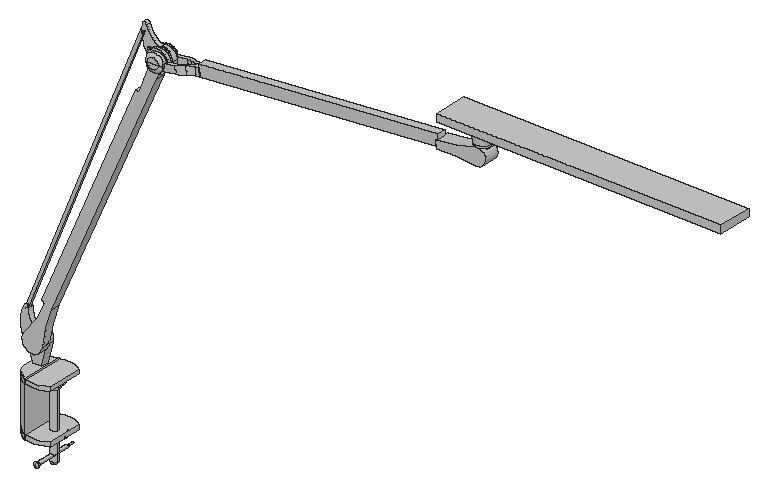
Revit family "Human_Solution-UPLIFT_Desk_LAMP_CLAMP_MOUNT_LTG001", category Lighting Fixtures, Revit 2019
Family settings
  Round Connector Dimension = Use Diameter
  Part Type = Normal
  OmniClass Number = 23.40.20.00
  OmniClass Title = General Furniture and Specialties
  Work Plane-Based = No
  Always vertical = Yes
  Cut with Voids When Loaded = No
  Light Source = No
  Shared = No
  Room Calculation Point = No
Parameters (values of type "E7 LED Desk Lamp")
  Voltage = 120 V
  Unit = HMS - Aluminum
  Width = 13 9/16"
  URL = "https://www.thehumansolution.com/"
  Type Comments = "Lighting"  # constant formula
  Salvage or Reuse = yes
  Percentage of Recycled Content = 0
  Model = "LTG001- LAMP WITH CLAMP MOUNT"
  Material = ""
  Manufacturer = "Human Solution"  # constant formula
  Low Emitting Material = yes
  Low Emitting Finish = yes
  Keynote = "12500"
  Height = 22 1/2"
  Description = "E7 LED Desk Lamp  13.5\"W 1 11/16\"D 22.5\"H"
  Depth = 1 11/16"
  Assembly Code = "E2020200"
Reference planes (in)
  plane 1 "Center Front/Back": y = 0
  plane 2: z = 0
  plane 3 "Center Left/Right": x = 0
  plane 4: y = 0.84375
  plane 5: y = -0.84375
  plane 6: x = -6.78125
  plane 7: x = 6.78125
  plane 8: z = 26
  plane 9: z = 48.5
  plane 10: x = 24.8419
  plane 11: z = 46.29295
Forms (in)
  Revolve 1, solid, material "HMS - Aluminum" <- "Unit"
    sketch origin (24.96066, 0, 46.68568) x (-1, 0, 0) y (0, 0, -1)
      loop
        line (5.28125, 0.33426) -> (5.28125, 1.33426) -> (5.03125, 1.33426) -> (5.03125, 1.10951) -> (4.88893, 1.10951) -> (4.88004, 1.01276) -> (4.79673, 0.33426) -> (5.28125, 0.33426)
      axis (5.28125, 1.33426) -> (5.28125, 0.33426)
    angle from 0 to 360
  Extrusion 2, solid, material "HMS - Aluminum" <- "Unit"
    sketch origin (24.96066, 0, 46.68568) x (-1, 0, 0) y (0, 0, -1)
      loop
        arc (7.22686, 1.885) -> (6.28554, 1.85243) -> (5.34725, 1.93454) r 7.73328
        arc (5.34725, 1.93454) -> (4.88841, 1.50446) -> (5.41239, 1.15668) r 0.40101
        arc (5.41239, 1.15668) -> (6.32408, 1.39727) -> (7.25731, 1.53199) r 8.22961
        line (7.25731, 1.53199) -> (7.22686, 1.885)
    from -0.34949 to 0.35067
  Extrusion 3, solid, material "HMS - Aluminum" <- "Unit"
    sketch origin (24.96066, 0, 46.68568) x (-1, 0, 0) y (0, 0, -1)
      loop
        line (18.64878, 2.331) -> (18.60074, 2.88009) -> (7.22686, 1.885) -> (7.2749, 1.33592) -> (18.64878, 2.331)
    from -0.19635 to 0.19635
  Extrusion 4, solid, material "HMS - Aluminum" <- "Unit"
    sketch origin (24.96066, 0, 4.99818) x (0, 1, 0) y (-1, 0, 0)
      loop
        arc (0.80348, 25.16738) -> (-0.02014, 26.93483) -> (-0.84375, 25.16738) r 1.07562
        line (-0.84375, 25.16738) -> (0.80348, 25.16738)
    from 21.04267 to 21.245
  Extrusion 5, solid, material "HMS - Aluminum" <- "Unit"
    sketch origin (24.96066, 0, 7.78122) x (0, 1, 0) y (-1, 0, 0)
      loop
        arc (0.80348, 25.16738) -> (-0.02014, 26.93483) -> (-0.84375, 25.16738) r 1.07562
        line (-0.84375, 25.16738) -> (0.80348, 25.16738)
    from 20.63468 to 20.81184
  Extrusion 6, solid, material "HMS - Aluminum" <- "Unit"
    sketch origin (24.96066, 0, 7.43568) x (0, 1, 0) y (-1, 0, 0)
      loop
        arc (0.98405, 26.24467) -> (-0.02014, 26.93483) -> (-1.02432, 26.24467) r 1.07562
        line (-1.02432, 26.24467) -> (0.98405, 26.24467)
    from 18.56432 to 21.19701
  Extrusion 7, solid, material "HMS - Aluminum" <- "Unit"
    sketch origin (24.28154, 0, 49.56464) x (-0.987688, 0, -0.156434) y (0, 1, 0)
      loop
        line (18.60074, 0.19635) -> (18.60074, -0.19635) -> (18.80994, -0.19635)
        arc (18.80994, -0.19635) -> (18.98349, -0.21887) -> (19.14555, -0.28495) r 0.67995
        arc (19.14555, -0.28495) -> (19.3662, -0.37492) -> (19.60251, -0.40558) r 0.92581
        line (19.60251, -0.40558) -> (20.68427, -0.40558) -> (20.68427, 0.40695) -> (19.58746, 0.40695)
        arc (19.58746, 0.40695) -> (19.34799, 0.37479) -> (19.12548, 0.2806) r 0.90774
        arc (19.12548, 0.2806) -> (18.97713, 0.21779) -> (18.81747, 0.19635) r 0.60521
        line (18.81747, 0.19635) -> (18.60074, 0.19635)
      loop
        line (18.62991, 0.03298) -> (18.62991, -0.03158) -> (18.85912, -0.03158)
        arc (18.85912, -0.03158) -> (19.06895, -0.09516) -> (19.26715, -0.18893) r 1.4858
        arc (19.26715, -0.18893) -> (19.44006, -0.25937) -> (19.62521, -0.28337) r 0.726
        line (19.62521, -0.28337) -> (20.62454, -0.28337) -> (20.62454, 0.25931) -> (19.52911, 0.25931)
        arc (19.52911, 0.25931) -> (19.36451, 0.23144) -> (19.21826, 0.15094) r 0.5
        arc (19.21826, 0.15094) -> (19.05907, 0.06332) -> (18.87991, 0.03298) r 0.54425
        line (18.87991, 0.03298) -> (18.62991, 0.03298)
    from 2.51759 to 2.87507
  Revolve 8, solid, material "HMS - Aluminum" <- "Unit"
    sketch origin (24.96066, 0, 43.81068) x (0, 1, 0) y (-1, 0, 0)
      loop
        line (0.52506, 20.56739) -> (-0.52369, 20.56739) -> (-0.52369, 20.30063)
        arc (-0.52369, 20.30063) -> (-0.49604, 20.2149) -> (-0.43563, 20.1481) r 0.21444
        line (-0.43563, 20.1481) -> (-0.25795, 20.1481) -> (-0.25795, 20.05313) -> (-0.10199, 20.05313) -> (-0.10199, 20.09396) -> (0.03543, 20.09396) -> (0.03543, 20.05893) -> (0.24726, 20.05893) -> (0.24726, 20.12458) -> (0.40695, 20.12458)
        arc (0.40695, 20.12458) -> (0.4834, 20.19674) -> (0.52506, 20.29326) r 0.26022
        line (0.52506, 20.29326) -> (0.52506, 20.56739)
      axis (0.52506, 20.56739) -> (-0.52369, 20.56739)
    angle from 0 to 360
  Extrusion 9, solid, material "HMS - Aluminum" <- "Unit"
    sketch origin (24.96066, 0, 46.68568) x (-1, 0, 0) y (0, 0, -1)
      loop
        line (25.63072, 15.25619) -> (20.63792, 3.67936)
        arc (20.63792, 3.67936) -> (20.40433, 3.33519) -> (20.06017, 3.1016) r 1.10632
        line (20.06017, 3.1016) -> (21.09938, 2.48034)
        arc (21.09938, 2.48034) -> (21.01122, 2.98034) -> (21.09938, 3.48034) r 1.4619
        line (21.09938, 3.48034) -> (21.50225, 4.58721) -> (21.6629, 4.51793) -> (26.13136, 15.04027) -> (25.95609, 15.11586)
        arc (25.95609, 15.11586) -> (26.36642, 15.93556) -> (26.92485, 16.66248) r 4.80805
        arc (26.92485, 16.66248) -> (26.76976, 17.43376) -> (26.08922, 17.03905) r 0.48395
        arc (26.08922, 17.03905) -> (25.9294, 16.12977) -> (25.63072, 15.25619) r 5.94479
    from -0.19635 to 0.19499
  Extrusion 10, solid, material "HMS - Aluminum" <- "Unit"
    sketch origin (24.96066, 0, 46.68568) x (-1, 0, 0) y (0, 0, -1)
      loop
        arc (20.56739, 2.36075) -> (20.97189, 2.05503) -> (21.2211, 1.61347) r 1.24598
        arc (21.2211, 1.61347) -> (21.32031, 1.54556) -> (21.41046, 1.62512) r 0.09784
        arc (21.41046, 1.62512) -> (21.38814, 2.36801) -> (21.05669, 3.03324) r 1.73306
        arc (21.05669, 3.03324) -> (20.98322, 2.57244) -> (20.56739, 2.36075) r 0.51425
    from -0.09843 to 0.09459
  Revolve 11, solid, material "HMS - Aluminum" <- "Unit"
    sketch origin (24.96066, 0, 46.68568) x (-1, 0, 0) y (0, 0, -1)
      loop
        line (21.35982, 1.76775) -> (21.4335, 1.73818) -> (27.01977, 15.65916) -> (26.9461, 15.68873) -> (21.35982, 1.76775)
      axis (21.35982, 1.76775) -> (26.9461, 15.68873)
    angle from 0 to 360
  Extrusion 12, solid, material "HMS - Aluminum" <- "Unit"
    sketch origin (24.96066, 0, 46.68568) x (-1, 0, 0) y (0, 0, -1)
      loop
        arc (26.80194, 15.62579) -> (26.88534, 15.51252) -> (27.01534, 15.56625) r 0.11412
        arc (27.01534, 15.56625) -> (27.22004, 16.30842) -> (27.05024, 17.05934) r 1.58229
        arc (27.05024, 17.05934) -> (26.80399, 16.68793) -> (26.40931, 16.48101) r 0.89636
        arc (26.40931, 16.48101) -> (26.70568, 16.09934) -> (26.80194, 15.62579) r 1.06044
    from -0.09843 to 0.09843
  Extrusion 13, solid, material "HMS - Aluminum" <- "Unit"
    sketch origin (24.96066, 0, 46.68568) x (-1, 0, 0) y (0, 0, -1)
      loop
        line (26.76548, 18.03914) -> (26.33148, 18.03914)
        arc (26.33148, 18.03914) -> (26.23201, 17.54154) -> (26.09371, 17.05331) r 6.44705
        arc (26.09371, 17.05331) -> (26.58588, 16.39849) -> (27.03286, 17.08494) r 0.5
        arc (27.03286, 17.08494) -> (26.87301, 17.55471) -> (26.76548, 18.03914) r 4.53242
    from -0.41339 to -0.05906
  Revolve 14, solid, material "HMS - Aluminum" <- "Unit"
    sketch origin (24.96066, 0, 47.24818) x (-1, 0, 0) y (0, 0, -1)
      loop
        line (25.67525, 18.84228) -> (25.67525, 22.46433) -> (25.6317, 22.46433)
        arc (25.6317, 22.46433) -> (25.55151, 22.43111) -> (25.51829, 22.35092) r 0.11341
        line (25.51829, 22.35092) -> (25.51829, 21.245) -> (25.16738, 21.245) -> (25.16738, 21.04267) -> (25.51829, 21.04267) -> (25.51829, 19.23599) -> (25.45427, 19.23599) -> (25.45427, 18.99977) -> (25.24141, 18.99977) -> (25.24141, 18.84228) -> (25.67525, 18.84228)
      axis (25.67525, 18.84228) -> (25.67525, 22.46433)
    angle from 0 to 360
  Revolve 15, solid, material "HMS - Aluminum" <- "Unit"
    sketch origin (-0.71121, 0, 47.24818) x (0, 1, 0) y (0, 0, -1)
      loop
        line (-1.09383, 22.07309) -> (1.08578, 22.07309) -> (1.08578, 22.10509) -> (0.81644, 22.10509) -> (0.7025, 22.13954) -> (-0.97278, 22.13954) -> (-1.06458, 22.19254)
        arc (-1.06458, 22.19254) -> (-1.08309, 22.13377) -> (-1.09383, 22.07309) r 0.47503
      axis (1.08578, 22.07309) -> (-1.09383, 22.07309)
    angle from 0 to 360
  Extrusion 16, solid, material "HMS - Aluminum" <- "Unit"
    sketch origin (0, 0, 0) x (1, 0, 0) y (0, 1, 0)
      loop
        line (31.66048, 0.77396) -> (18.15706, 0.77396) -> (18.15706, -0.84029) -> (31.66048, -0.84029) -> (31.66048, 0.77396)
    from 46.29295 to 46.66031
Lines and regions (in)
  symbolic lines, detail levels fine
    curve 1: line (31.59547, -0.81084, 0) -> (31.59547, 0.82563, 0)
    curve 2: line (31.59547, 0.82563, 0) -> (18.15706, 0.82563, 0)
    curve 3: line (31.59547, -0.81084, 0) -> (18.15706, -0.81084, 0)
    curve 4: line (20.00864, -0.36415, 0) -> (17.66879, -0.36415, 0)
    curve 5: line (20.00864, 0.33602, 0) -> (17.63834, 0.33602, 0)
    curve 6: line (17.66879, -0.36415, 0) -> (17.66879, 0.33602, 0)
    curve 7: line (20.00864, -0.36415, 0) -> (20.00864, 0.33602, 0)
    curve 8: line (17.66879, -0.21101, 0) -> (6.29492, -0.21101, 0)
    curve 9: line (6.29492, 0.1817, 0) -> (17.66879, 0.1817, 0)
    curve 10: line (6.29492, -0.21101, 0) -> (6.29492, 0.1817, 0)
    curve 11: line (6.29492, -0.21101, 0) -> (5.98121, -0.21101, 0)
    curve 12: line (6.29492, 0.1817, 0) -> (6.04492, 0.1817, 0)
    curve 13: line (5.31998, -0.42161, 0) -> (3.88546, -0.42161, 0)
    curve 14: line (3.88546, -0.26192, 0) -> (5.38546, -0.26192, 0)
    curve 15: line (3.88546, -0.42161, 0) -> (3.88546, -0.26192, 0)
    curve 16: arc (5.98121, -0.21101, 0) -> (5.66696, -0.36768, 0) -> (5.31998, -0.42161, 0) r 1.14336
    curve 17: arc (5.44553, 0.38255, 0) -> (5.72885, 0.23325, 0) -> (6.04492, 0.1817, 0) r 0.99477
    curve 18: line (5.44553, 0.38255, 0) -> (3.91163, 0.38255, 0)
    curve 19: line (4.59503, 0.50904, 0) -> (4.03812, 0.50904, 0)
    curve 20: line (3.91163, 0.38255, 0) -> (4.03812, 0.50904, 0)
    curve 21: line (4.59503, 0.50904, 0) -> (4.77567, 0.38255, 0)
    curve 22: line (4.74756, 0.24329, 0) -> (4.74756, 0.40223, 0)
    curve 23: line (4.74756, 0.24329, 0) -> (4.84252, 0.24329, 0)
    curve 24: line (4.84252, 0.24329, 0) -> (4.84252, -0.26192, 0)
    curve 25: line (3.91163, 0.38255, 0) -> (3.91163, 0.24329, 0)
    curve 26: line (3.91163, 0.24329, 0) -> (3.81401, 0.24329, 0)
    curve 27: line (3.81401, 0.24329, 0) -> (3.81401, 0.18174, 0)
    curve 28: line (4.59252, -0.53972, 0) -> (4.05414, -0.53972, 0)
    curve 29: line (4.05414, -0.53972, 0) -> (3.88546, -0.42161, 0)
    curve 30: line (3.88546, -0.26192, 0) -> (3.81981, -0.26192, 0)
    curve 31: line (3.81981, -0.26192, 0) -> (3.81981, -0.21101, 0)
    curve 32: line (4.76663, -0.42161, 0) -> (4.59252, -0.53972, 0)
    curve 33: line (4.84252, -0.21101, 0) -> (-0.3127, -0.21101, 0)
    curve 34: line (-0.27172, 0.18174, 0) -> (4.83312, 0.18174, 0)
    curve 35: line (-0.27172, -0.81813, 0) -> (-0.27172, 0.82909, 0)
    curve 36: arc (-0.27172, -0.81813, 0) -> (-2.05111, 0.00548, 0) -> (-0.27172, 0.82909, 0) r 1.0803
    curve 37: circle (-0.77253, -0.01466, 0) r 0.5 normal (0, 0, 1)
    curve 38: line (-0.70977, 0.95812, 0) -> (-0.70977, 0.12704, 0)
    curve 39: line (-0.84267, 0.95812, 0) -> (-0.84267, 0.12534, 0)
    curve 40: line (-0.84267, 0.95812, 0) -> (-0.89567, 1.04992, 0)
    curve 41: line (-0.77862, 1.08365, 0) -> (-0.65676, 1.04992, 0)
    curve 42: line (-0.70977, 0.95812, 0) -> (-0.65676, 1.04992, 0)
    curve 43: line (-0.77862, 1.08365, 0) -> (-0.89567, 1.04992, 0)
    curve 44: line (-0.70977, 0.12704, 0) -> (-0.70977, -0.14851, 0)
    curve 45: arc (-0.70977, -0.14851, 0) -> (-0.62184, -0.01074, 0) -> (-0.70977, 0.12704, 0) r 0.1519
    curve 46: line (-0.70977, -0.14851, 0) -> (-0.70977, -0.74388, 0)
    curve 47: arc (-0.70977, -0.74388, 0) -> (-0.66864, -0.90557, 0) -> (-0.6755, -1.07227, 0) r 0.57706
    curve 48: arc (-0.6755, -1.07227, 0) -> (-0.77576, -1.10044, 0) -> (-0.87602, -1.07227, 0) r 0.19248
    curve 49: arc (-0.83793, -0.74698, 0) -> (-0.88632, -0.90618, 0) -> (-0.87602, -1.07227, 0) r 0.46854
    curve 50: line (-0.83793, -0.74698, 0) -> (-0.83793, -0.14814, 0)
    curve 51: arc (-0.83793, -0.14814, 0) -> (-0.93659, -0.01307, 0) -> (-0.84267, 0.12534, 0) r 0.14525
    curve 52: line (-2.17339, -0.42804, 0) -> (-1.96031, -0.42804, 0)
    curve 53: line (-2.17339, -0.42804, 0) -> (-2.17339, 0.17885, 0)
    curve 54: line (-2.17339, 0.17885, 0) -> (-2.03711, 0.17885, 0)
    curve 55: line (-2.17339, -0.11308, 0) -> (-2.32481, -0.11308, 0)
    curve 56: line (-2.32481, -0.11308, 0) -> (-2.32481, 0.08377, 0)
    curve 57: line (-2.32481, 0.08377, 0) -> (-2.17339, 0.08377, 0)
    curve 58: line (18.15706, 0.33602, 0) -> (18.15706, 0.82563, 0)
    curve 59: line (18.15706, -0.36415, 0) -> (18.15706, -0.81084, 0)
Dimensions and locks (in)
  equal spacing: plane 4, plane 1 "Center Front/Back", plane 5
  "Depth": plane 4 to plane 5
  equal spacing: plane 6, plane 3 "Center Left/Right", plane 7
  "Width": plane 6 to plane 7
  plane 8 to plane 2 = 26"
  "Height": plane 9 to plane 8
  aligned and locked: level to plane 2
  aligned and locked: curve 4 to curve 5
Automatic sketch dimensions
  plane 7 to Revolve 1 sketch curve = 13.38268"
  Revolve 1 sketch curve to Revolve 1 sketch curve = 0.08331"
  Revolve 1 sketch curve to Revolve 1 sketch curve = 0.00889"
  Revolve 1 sketch curve to Revolve 1 sketch curve = 0.14232"
  Revolve 1 sketch curve to Revolve 1 sketch curve = 1/4"  (x2)
  Revolve 1 sketch curve to Revolve 1 sketch curve = 0.67851"
  Revolve 1 sketch curve to Revolve 1 sketch curve = 0.09675"
  Revolve 1 sketch curve to Revolve 1 sketch curve = 0.22474"
  Revolve 1 sketch curve to Revolve 1 sketch curve = 0.2816"
  Revolve 1 sketch curve to Revolve 1 sketch curve = 0.30598"
  plane 7 to Extrusion 2 sketch curve = 12.89139"
  Extrusion 2 sketch curve to Extrusion 2 sketch curve = 1.20126"
  Extrusion 2 sketch curve to Extrusion 2 sketch curve = 1.93884"
  Extrusion 2 sketch curve to Extrusion 2 sketch curve = 0.03045"
  Extrusion 2 sketch curve to Extrusion 2 sketch curve = 0.70728"
  Extrusion 2 sketch curve to Extrusion 2 sketch curve = 8.19916"
  Extrusion 2 sketch curve to Extrusion 2 sketch curve = 0.00594"
  Extrusion 2 sketch curve to Extrusion 2 sketch curve = 0.35302"
  Extrusion 2 sketch curve to Extrusion 2 sketch curve = 7.69803"
  Extrusion 2 sketch curve to Extrusion 2 sketch curve = 0"
  plane 7 to Extrusion 3 sketch curve = 10.95255"
  Extrusion 3 sketch curve to Extrusion 3 sketch curve = 0.04804"
  Extrusion 3 sketch curve to Extrusion 3 sketch curve = 11.37388"
  level to Extrusion 3 sketch curve = 45.34976"
  Extrusion 3 sketch curve to Extrusion 3 sketch curve = 0.54908"
  Extrusion 4 sketch curve to plane 5 = 0"
  plane 1 "Center Front/Back" to Extrusion 4 sketch curve = 0.02014"
  Extrusion 4 sketch curve to plane 7 = 6.98796"
  Extrusion 4 sketch curve to Extrusion 4 sketch curve = 0.69183"
  Extrusion 5 sketch curve to plane 5 = 0"
  plane 1 "Center Front/Back" to Extrusion 5 sketch curve = 0.02014"
  Extrusion 5 sketch curve to plane 7 = 6.98796"
  Extrusion 5 sketch curve to Extrusion 5 sketch curve = 0.69183"
  Extrusion 6 sketch curve to plane 5 = 0.18057"
  plane 1 "Center Front/Back" to Extrusion 6 sketch curve = 0.02014"
  Extrusion 6 sketch curve to plane 7 = 7.67979"
  Extrusion 6 sketch curve to Extrusion 6 sketch curve = 0.38546"
  Extrusion 7 sketch curve to plane 5 = 0.63771"
  Extrusion 7 sketch curve to plane 1 "Center Front/Back" = 0.19635"
  Extrusion 7 sketch curve to Extrusion 7 sketch curve = 17/256"
  plane 1 "Center Front/Back" to Extrusion 7 sketch curve = 0.03158"
  Extrusion 7 sketch curve to Extrusion 7 sketch curve = 0.02917"
  Extrusion 7 sketch curve to plane 5 = 0.03255"
  Extrusion 7 sketch curve to Extrusion 7 sketch curve = 0.27559"
  Extrusion 7 sketch curve to plane 4 = 0.04219"
  Extrusion 7 sketch curve to Extrusion 7 sketch curve = 0.21673"
  Extrusion 7 sketch curve to Extrusion 7 sketch curve = 0.04918"
  Extrusion 7 sketch curve to plane 1 "Center Front/Back" = 0.03298"
  Extrusion 7 sketch curve to Extrusion 7 sketch curve = 0.02079"
  Extrusion 7 sketch curve to plane 1 "Center Front/Back" = 0.25931"
  Extrusion 7 sketch curve to Extrusion 7 sketch curve = 0.6492"
  Extrusion 7 sketch curve to Extrusion 7 sketch curve = 0.05836"
  Extrusion 7 sketch curve to Extrusion 7 sketch curve = 0.01505"
  Extrusion 7 sketch curve to Extrusion 7 sketch curve = 0.0961"
  plane 1 "Center Front/Back" to Extrusion 7 sketch curve = 0.28337"
  Extrusion 7 sketch curve to Extrusion 7 sketch curve = 0.99934"
  Extrusion 7 sketch curve to Extrusion 7 sketch curve = 0.05973"
  Extrusion 7 sketch curve to Extrusion 7 sketch curve = 0.21742"
  Extrusion 7 sketch curve to Extrusion 7 sketch curve = 0.09521"
  Extrusion 7 sketch curve to Extrusion 7 sketch curve = 0.04269"
  Extrusion 7 sketch curve to Extrusion 7 sketch curve = 0.16477"
  Extrusion 7 sketch curve to Extrusion 7 sketch curve = 0.14764"
  Extrusion 7 sketch curve to Extrusion 7 sketch curve = 0.03567"
  Extrusion 7 sketch curve to Extrusion 7 sketch curve = 0.0776"
  Extrusion 7 sketch curve to Extrusion 7 sketch curve = 0.22432"
  plane 5 to Revolve 8 sketch curve = 0.32006"
  Revolve 8 sketch curve to Revolve 8 sketch curve = 0.08806"
  Revolve 8 sketch curve to Revolve 8 sketch curve = 0.21336"
  Revolve 8 sketch curve to Revolve 8 sketch curve = 0.17768"
  plane 1 "Center Front/Back" to Revolve 8 sketch curve = 0.10199"
  Revolve 8 sketch curve to plane 1 "Center Front/Back" = 0.03543"  (x2)
  Revolve 8 sketch curve to Revolve 8 sketch curve = 0.21183"
  Revolve 8 sketch curve to Revolve 8 sketch curve = 0.02297"
  Revolve 8 sketch curve to Revolve 8 sketch curve = 0.15969"
  Revolve 8 sketch curve to Revolve 8 sketch curve = 0.11811"
  Revolve 8 sketch curve to plane 7 = 1.87372"
  Revolve 8 sketch curve to Revolve 8 sketch curve = 0.0058"
  Revolve 8 sketch curve to Revolve 8 sketch curve = 0.04083"
  Revolve 8 sketch curve to Revolve 8 sketch curve = 0.06565"
  Revolve 8 sketch curve to Revolve 8 sketch curve = 0.09496"
  Revolve 8 sketch curve to Revolve 8 sketch curve = 0.16868"
  Revolve 8 sketch curve to Revolve 8 sketch curve = 0.15253"
  Revolve 8 sketch curve to Revolve 8 sketch curve = 0.27413"
  Revolve 8 sketch curve to Revolve 8 sketch curve = 0.0206"
  Revolve 8 sketch curve to Revolve 8 sketch curve = 0.22139"
  Extrusion 9 sketch curve to plane 7 = 1.44263"
  Extrusion 9 sketch curve to Extrusion 9 sketch curve = 0.43812"
  Extrusion 9 sketch curve to plane 7 = 1.99254"
  Extrusion 9 sketch curve to Extrusion 9 sketch curve = 0.57775"
  Extrusion 9 sketch curve to Extrusion 9 sketch curve = 0.46146"
  Extrusion 9 sketch curve to Extrusion 9 sketch curve = 0"  (x2)
  Extrusion 9 sketch curve to Extrusion 9 sketch curve = 0.40287"
  Extrusion 9 sketch curve to Extrusion 9 sketch curve = 0.16065"
  Extrusion 9 sketch curve to Extrusion 9 sketch curve = 1.37374"
  Extrusion 9 sketch curve to Extrusion 9 sketch curve = 5.45876"
  Extrusion 9 sketch curve to Extrusion 9 sketch curve = 0.32537"
  Extrusion 9 sketch curve to Extrusion 9 sketch curve = 0.17528"
  Extrusion 9 sketch curve to Extrusion 9 sketch curve = 0.94021"
  Extrusion 9 sketch curve to plane 7 = 12.26169"
  Extrusion 9 sketch curve to Extrusion 9 sketch curve = 1/2"
  Extrusion 9 sketch curve to Extrusion 9 sketch curve = 0.37874"
  Extrusion 9 sketch curve to Extrusion 9 sketch curve = 0.19902"
  Extrusion 9 sketch curve to Extrusion 9 sketch curve = 1.03759"
  Extrusion 9 sketch curve to Extrusion 9 sketch curve = 0.06928"
  Extrusion 9 sketch curve to Extrusion 9 sketch curve = 8.86533"
  Extrusion 9 sketch curve to Extrusion 9 sketch curve = 1.65702"
  Extrusion 9 sketch curve to Extrusion 9 sketch curve = 0.07559"
  Extrusion 9 sketch curve to Extrusion 9 sketch curve = 0.14032"
  Extrusion 9 sketch curve to Extrusion 9 sketch curve = 1.73635"
  Extrusion 9 sketch curve to Extrusion 9 sketch curve = 2.35423"
  Extrusion 10 sketch curve to plane 7 = 1.5279"
  Extrusion 10 sketch curve to Extrusion 10 sketch curve = 0.32679"
  Extrusion 10 sketch curve to Extrusion 10 sketch curve = 0.86008"
  Extrusion 10 sketch curve to Extrusion 10 sketch curve = 0.74692"
  Extrusion 10 sketch curve to Extrusion 10 sketch curve = 0.40856"
  Extrusion 10 sketch curve to Extrusion 10 sketch curve = 0.71108"
  Extrusion 10 sketch curve to Extrusion 10 sketch curve = 0.92927"
  Extrusion 10 sketch curve to Extrusion 10 sketch curve = 0.4893"
  Extrusion 10 sketch curve to Extrusion 10 sketch curve = 0.09321"
  Extrusion 10 sketch curve to Extrusion 10 sketch curve = 0"
  Revolve 11 sketch curve to plane 7 = 3.18041"
  Revolve 11 sketch curve to Revolve 11 sketch curve = 0.07368"
  Revolve 11 sketch curve to plane 7 = 8.76668"
  Revolve 11 sketch curve to Revolve 11 sketch curve = 0.02957"
  Revolve 11 sketch curve to Revolve 11 sketch curve = 0.0931"
  Revolve 11 sketch curve to Revolve 11 sketch curve = 0.07994"
  Revolve 11 sketch curve to Revolve 11 sketch curve = 0.23202"
  Revolve 11 sketch curve to Revolve 11 sketch curve = 51/256"
  Extrusion 12 sketch curve to plane 7 = 7.45877"
  Extrusion 12 sketch curve to Extrusion 12 sketch curve = 0.10377"
  Extrusion 12 sketch curve to Extrusion 12 sketch curve = 0.56531"
  Extrusion 12 sketch curve to Extrusion 12 sketch curve = 1.17406"
  Extrusion 12 sketch curve to Extrusion 12 sketch curve = 0.03444"
  Extrusion 12 sketch curve to Extrusion 12 sketch curve = 0.68851"
  Extrusion 12 sketch curve to Extrusion 12 sketch curve = 1.00802"
  Extrusion 12 sketch curve to Extrusion 12 sketch curve = 0.77113"
  Extrusion 12 sketch curve to Extrusion 12 sketch curve = 0.11407"
  Extrusion 12 sketch curve to Extrusion 12 sketch curve = 0"  (x2)
  Extrusion 13 sketch curve to plane 7 = 1.78526"
  Extrusion 13 sketch curve to Extrusion 13 sketch curve = 6.3668"
  Extrusion 13 sketch curve to Extrusion 13 sketch curve = 0.23756"
  Extrusion 13 sketch curve to Extrusion 13 sketch curve = 0.434"
  Extrusion 13 sketch curve to plane 7 = 13.0579"
  Extrusion 13 sketch curve to Extrusion 13 sketch curve = 1.14093"
  Extrusion 13 sketch curve to Extrusion 13 sketch curve = 0.73855"
  Extrusion 13 sketch curve to Extrusion 13 sketch curve = 1.01402"
  Extrusion 13 sketch curve to Extrusion 13 sketch curve = 0"
  Revolve 14 sketch curve to plane 7 = 6.98796"
  Revolve 14 sketch curve to Revolve 14 sketch curve = 0.07403"
  Revolve 14 sketch curve to Revolve 14 sketch curve = 0.21286"
  Revolve 14 sketch curve to Revolve 14 sketch curve = 0.06403"
  Revolve 14 sketch curve to Revolve 14 sketch curve = 0"
  Revolve 14 sketch curve to Revolve 14 sketch curve = 0.11341"
  Revolve 14 sketch curve to Revolve 14 sketch curve = 0.22099"
  Revolve 14 sketch curve to Revolve 14 sketch curve = 0.15748"
  Revolve 14 sketch curve to Revolve 14 sketch curve = 0.23622"
  Revolve 14 sketch curve to Revolve 14 sketch curve = 1.80668"
  Revolve 14 sketch curve to Revolve 14 sketch curve = 0.20233"
  Revolve 14 sketch curve to Revolve 14 sketch curve = 1.10592"
  Revolve 14 sketch curve to Revolve 14 sketch curve = 0.04355"
  Revolve 14 sketch curve to Revolve 14 sketch curve = 0.06554"
  Revolve 14 sketch curve to Revolve 14 sketch curve = 0.08727"
  Revolve 15 sketch curve to plane 5 = 0.25008"
  Revolve 15 sketch curve to Revolve 15 sketch curve = 0.02925"
  Revolve 15 sketch curve to Revolve 15 sketch curve = 0.0918"
  plane 5 to Revolve 15 sketch curve = 0.22206"
  Revolve 15 sketch curve to plane 4 = 0.14125"
  Revolve 15 sketch curve to plane 4 = 0.02731"
  plane 4 to Revolve 15 sketch curve = 0.24203"
  Revolve 15 sketch curve to Revolve 15 sketch curve = 0.05231"  (x2)
  Revolve 15 sketch curve to Revolve 15 sketch curve = 0.032"
  Revolve 15 sketch curve to Revolve 15 sketch curve = 0.03445"
  plane 1 "Center Front/Back" to Revolve 15 sketch curve = 0.29613"
  plane 1 "Center Front/Back" to Revolve 15 sketch curve = 3/32"
  level to Revolve 1 sketch curve = 46.35142"
  level to Extrusion 2 sketch curve = 53.35285"
  level to Extrusion 9 sketch curve = 44.20534"
  level to Extrusion 10 sketch curve = 45.45102"
  level to Revolve 11 sketch curve = 44.94749"
  level to Extrusion 12 sketch curve = 31.06323"
  level to Extrusion 13 sketch curve = 29.78747"
  level to Revolve 14 sketch curve = 28.40589"
  level to Revolve 15 sketch curve = 25.22739"
  plane 1 "Center Front/Back" to curve 55 = 0.11308"
  curve 55 to plane 3 "Center Left/Right" = 2.32481"
  curve 56 to curve 53 = 0.15143"
  curve 47 to plane 5 = 0.12171"
  curve 52 to curve 47 = 0.9308"
  curve 36 to plane 1 "Center Front/Back" = 0.00548"
  curve 36 to plane 3 "Center Left/Right" = 0.97081"
  plane 4 to curve 43 = 0.20617"
  curve 43 to plane 3 "Center Left/Right" = 0.89567"
  plane 4 to curve 40 = 0.11437"
  curve 40 to curve 40 = 0.053"
  plane 5 to curve 50 = 0.09677"
  curve 47 to curve 50 = 0.40466"
  plane 1 "Center Front/Back" to curve 51 = 0.01055"
  curve 51 to curve 51 = 0.05131"
  plane 4 to curve 43 = 0.2399"
  curve 40 to curve 43 = 0.11705"
  curve 48 to plane 5 = 0.06421"
  curve 50 to curve 48 = 0.06217"
  curve 51 to curve 45 = 0.01763"
  curve 45 to curve 37 = 0.0012"
  curve 50 to curve 44 = 0.12816"
  plane 4 to curve 42 = 0.20617"
  curve 38 to curve 42 = 0.053"
  curve 49 to plane 5 = 0.11693"
  curve 48 to curve 49 = 0.3548"
  curve 35 to plane 4 = 0.01466"
  curve 35 to plane 3 "Center Left/Right" = 0.27172"
  curve 27 to plane 1 "Center Front/Back" = 0.24329"
  curve 27 to plane 7 = 2.96724"
  curve 27 to curve 30 = 0.0058"
  plane 1 "Center Front/Back" to curve 29 = 0.42161"
  curve 30 to curve 29 = 0.06565"
  curve 26 to curve 25 = 0.09762"
  curve 20 to plane 4 = 0.33471"
  curve 18 to curve 20 = 0.12649"
  plane 5 to curve 29 = 0.30403"
  curve 13 to curve 29 = 0.16868"
  curve 28 to curve 28 = 0.53839"
  curve 19 to curve 19 = 0.55691"
  curve 19 to curve 22 = 0.15253"
  curve 22 to curve 24 = 0.09496"
  curve 24 to curve 13 = 0.47746"
  curve 16 to curve 18 = 0.12555"
  plane 1 "Center Front/Back" to curve 11 = 0.21101"
  curve 16 to curve 11 = 0.66123"
  curve 12 to plane 1 "Center Front/Back" = 0.1817"
  curve 11 to curve 12 = 0.0637"
  curve 12 to curve 12 = 1/4"
  plane 7 to curve 6 = 10.88754"
  curve 2 to plane 4 = 0.01812"
  curve 6 to curve 2 = 125/256"
  curve 58 to curve 7 = 1 109/128"
  curve 5 to curve 2 = 11.58683"
  plane 5 to curve 46 = 0.09987"
  curve 52 to curve 55 = 0.31496"
  curve 13 to curve 15 = 0.15969"
  plane 1 "Center Front/Back" to curve 46 = 0.14851"
  curve 44 to curve 50 = 0.00037"
  plane 1 "Center Front/Back" to curve 37 = 0.01466"
  curve 37 to curve 45 = 1/256"
  curve 56 to plane 1 "Center Front/Back" = 0.08377"
  curve 57 to curve 54 = 0.09508"
  curve 22 to plane 1 "Center Front/Back" = 0.24329"
  curve 7 to plane 1 "Center Front/Back" = 0.33602"
  curve 25 to curve 18 = 0.13926"
  curve 38 to curve 41 = 0.0918"
  curve 48 to curve 48 = 0.10026"
  curve 33 to plane 3 "Center Left/Right" = 0.3127"
  curve 32 to curve 24 = 0.07589"
  curve 22 to curve 21 = 0.02811"
  curve 34 to curve 23 = 0.0094"
  curve 16 to curve 14 = 0.06548"
  curve 5 to curve 6 = 0.03045"
  curve 4 to curve 3 = 125/256"
  plane 5 to curve 59 = 0.03291"
  plane 1 "Center Front/Back" to curve 59 = 0.36415"
  curve 24 to curve 33 = 0.05091"
  curve 34 to curve 23 = 0.06155"
  Extrusion 16 sketch curve to plane 4 = 0.06979"
  plane 7 to Extrusion 16 sketch curve = 11.37581"
  plane 5 to Extrusion 16 sketch curve = 0.00346"
  Extrusion 16 sketch curve to Extrusion 16 sketch curve = 13.50341"
